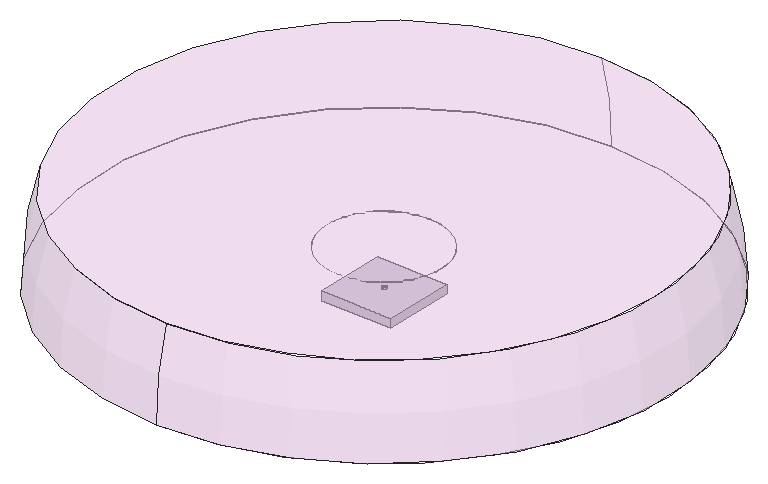
Revit family "Camera-Security-Panasonic-360-degree-Vandal_Resistant-Outdoor-Dome-Network-S4550LX", category Security Devices, host Face, Revit 2016
Family settings
  Host = Face
  Maintain Annotation Orientation = No
  Part Type = Normal
  Round Connector Dimension = Use Diameter
  OmniClass Number = 23.85.10.14.11
  OmniClass Title = Cameras
  Cut with Voids When Loaded = No
  Shared = No
  Room Calculation Point = No
Parameters (values of type "WV-S4550L")
  z Void Direction [instance] = if((if(On Wall, 1, 0) + if(On Ceiling, 1, 0)) = 1, if(On Ceiling, 0, 1), 0)  # 0
  z Vertical FOV = 186.00°  # constant formula
  z VV Origin Height Offset [instance] = Height  # 2.37402"
  z VV Origin Height [instance] = 0.000"
  z Lenz to PPM Target X [instance] = 0.07874" * Focal Length * 1000 / (PPM Actual * Scanning Area H / Horizontal Resolution) - z Lenz to PPM Target H  # 90.47649"
  z Lenz to PPM Target H [instance] = if(z Void Direction = 0, Distance to Floor - PPM Target Height - z VV Origin Height Offset, Distance to Floor - PPM Target Height)  # 45.65748"
  z Horizontal FOV = 186.00°  # constant formula
  z Camera Center Y Axis Offset [instance] = 0.000"
  z Camera Bottom Offset [instance] = 0.000"
  z Camera Angle [instance] = 0.00°
  z Camera Axis Const Length = 7.87402"
  z Base Radius [instance] = Base Diameter / 2  # 3.22835"
  Water and Dust Resistance = "IP66(IEC60529), Type 4X(UL50), NEMA 4X compliant"  # constant formula
  Shock Resistance = "50J (IEC 60068-2-75 compliant), IK10 (IEC 62262)"  # constant formula
  Base Height Offset [instance] = if(Use Base Bracket, Base Height, 0.000")  # 0.000"
  Base Height = 1.41732"
  Wide Dynamic Range = yes
  Weight [instance] = if(Use Base Bracket, 2.87 lbf, 1.92 lbf)  # 1.92 lbf
  Voltage DC = 12 V
  Vandal Resistant = yes
  Use Base Bracket [instance] = no
  Use Attachment Plate [instance] = not(Use Base Bracket)  # yes
  URL = "http://security.panasonic.com/pss/security/"
  Storage Temperature = "-22 °F to 140 °F"  # constant formula
  Show View Volume [instance] = yes
  Scanning Area V = 0.13976"
  Scanning Area H = 0.13976"
  Regulatory Compliance = "UL UL60950-1, C-UL CAN/CSA C22.2 No.60950-1, CE, IEC60950-1 FCC Part15 ClassA, ICES003 ClassA, EN55022 ClassB, EN55024"  # constant formula
  Radius_3 [instance] = 1.2126"
  Radius_2 [instance] = 1.35528"
  Radius_1 [instance] = Diameter / 2  # 3.0315"
  Provide Feedback = "https://www.surveymonkey.com/s/95FL6QY"
  Product Page URL = "https://security.panasonic.com/products/wv-s4550l/"
  Product Material = Paint - Panasonic - Sail White
  Product Documentation Link = "http://ssbu-t.psn-web.net/Products/IP_camera/WV-S4550L/Specsheet/WV-S4550L(M)_A4.pdf"
  Power Active = 10.9 W
  Part Number = Model  # "WV-S4550L"
  Part Description = Description  # "Security Camera, 360-degree, Vandal Resistant, Outdoor, Dome, 5 Megapixel, Network, S4550L"
  PPM Target Height [instance] = 70.07874"
  PPM Desired [instance] = 300
  PPM Actual [instance] = if(PPM Desired > 1, PPM Desired, 1)  # 300
  Original Creation Date = "November, 10, 2017"
  Operational Temperature [instance] = "-40 °F to 140 °F"  # constant formula
  Operational Humidity = "10% to 100 % (no condensation)"  # constant formula
  On Wall [instance] = no
  On Ceiling [instance] = yes
  Mounting Positions = "Mount Dependent or Surface Mount"
  Model Disclaimer = "Contact Panasonic for more information"  # constant formula
  Model = "WV-S4550L"
  Minimum Illumination = 0.3 lx
  Manufacturer = "Panasonic"  # constant formula
  Indoor Or Outdoor = "Outdoor"  # constant formula
  IP Or Analog = "IP"
  Horizontal Resolution [instance] = 2192  # constant formula
  Height_Offset5 = 1.44663"
  Height_Offset4 [instance] = 0.39438"
  Height_Offset3 [instance] = (Height - Height_Offset2) * 0.278  # 0.29989"
  Height_Offset2 [instance] = 1.29528"
  Height_Offset1 [instance] = 0.69685"
  Height [instance] = 2.37402"
  Has POE = yes
  Focal Length = 0.03307"
  Family Version = "1.0.0"  # constant formula
  Equipment Number [instance] = ""
  Equipment Abbreviation = "SC"
  Distance to Screen [instance] = 393.70079"
  Distance to PPM Target [instance] = if(z Lenz to PPM Target X < z Lenz to PPM Target H, 0.000", sqrt(z Lenz to PPM Target X ^ 2 - z Lenz to PPM Target H ^ 2))  # 78.11139"
  Distance to Floor [instance] = 118.11024"
  Distance to Ceiling [instance] = 0.000"
  Diameter [instance] = 6.06299"
  Description = "Security Camera, 360-degree, Vandal Resistant, Outdoor, Dome, 5 Megapixel, Network, S4550L"
  Default Elevation = 0.000"
  Day Or Night = "Yes"
  Date Last Modified = "November, 10, 2017"
  Copyright = "Copyright © Panasonic"  # constant formula
  Communication Ports = "10Base-T / 100Base-TX, RJ-45"
  z Camera Center X Axis Offset [instance] = 0.000"
  Base Diameter [instance] = 6.45669"
  Audio Out = "Yes"
  Audio In = "Yes"
  Angle Of View = "186"
  Alarm Input Or Output Specification = "ALARM IN 1 (Black & white input, Auto time adjustment) (x1), ALARM IN 2 (ALARM OUT) (x1), ALARM IN 3 (AUX OUT) (x1)"  # constant formula
  Accessory Part Number [instance] = if(Use Attachment Plate, "Attachment Plate", "Base Bracket")  # "Attachment Plate"
Types (2): name | Product Page URL | Part Number | Part Description | Model | Description | Communication Ports
  WV-S4550L | "https://security.panasonic.com/products/wv-s4550l/" | "WV-S4550L" | "Security Camera, 360-degree, Vandal Resistant, Outdoor, Dome, 5 Megapixel, Network, S4550L" | "WV-S4550L" | "Security Camera, 360-degree, Vandal Resistant, Outdoor, Dome, 5 Megapixel, Network, S4550L" | "10Base-T / 100Base-TX, RJ-45"
  WV-S4550LM | "https://security.panasonic.com/products/wv-s4550lm/" | "WV-S4550LM" | "Security Camera, 360-degree, Vandal Resistant, Outdoor, Dome, 5 Megapixel, Network, S4550LM" | "WV-S4550LM" | "Security Camera, 360-degree, Vandal Resistant, Outdoor, Dome, 5 Megapixel, Network, S4550LM" | "10Base-T / 100Base-TX, M12 connector"
Reference planes (in)
  plane 1 "Center (Front/Back)": y = 0
  plane 2: z = 0
  plane 3 "Center (Left/Right)": x = 0
  plane 4: y = 0
  plane 5: z = 0
  plane 6: x = 0
Forms (in)
  Extrusion 1, solid
    sketch origin (0, 0, 0) x (1, 0, 0) y (0, 1, 0)
      loop
        line (-48, 48) -> (-48, -48) -> (48, -48) -> (48, 48) -> (-48, 48)
    from 0 to -12
  Revolve 2, solid, material "Paint - Panasonic - Sail White" <- "Product Material"
    sketch origin (0, 0, 0) x (0, 0, 1) y (-1, 0, 0)
      loop
        line (1.67717, 0) -> (0, 0) -> (0, -3.0315) -> (1.07874, -3.0315) -> (1.67717, -1.35528) -> (1.67717, 0)
      axis (1.67717, 0) -> (0, 0)
    angle from 360 to 0
  Revolve 3, solid, material "Glass - Panasonic - Smoked"
    sketch origin (0, 0, 0) x (0, 0, 1) y (-1, 0, 0)
      loop
        line (2.37402, 0) -> (1.67717, 0) -> (1.67717, -1.2126)
        arc (1.67717, -1.2126) -> (2.19189, -0.70187) -> (2.37402, 0) r 1.37064
      axis (2.37402, 0) -> (1.67717, 0)
    angle from 360 to 0
  Revolve 4, solid, material "Paint - Panasonic - Sail White" <- "Product Material"
    sketch origin (0, 0, 0) x (0, 0, 1) y (-1, 0, 0)
      loop
        line (0.77885, -2.87402) -> (0, -2.87402) -> (0, -3.0315) -> (0.77885, -3.0315) -> (0.77885, -2.87402)
      axis (0.77885, 0) -> (0, 0)
    angle from 30 to -30
  Revolve 5, solid, material "Paint - Panasonic - Sail White" <- "Product Material"
    sketch origin (0, 0, 0) x (0, 0, 1) y (-1, 0, 0)
      loop
        line (0.77885, -2.87402) -> (0, -2.87402) -> (0, -3.0315) -> (0.77885, -3.0315) -> (0.77885, -2.87402)
      axis (0.77885, 0) -> (0, 0)
    angle from 150 to 90
  Revolve 6, solid, material "Paint - Panasonic - Sail White" <- "Product Material"
    sketch origin (0, 0, 0) x (0, 0, 1) y (-1, 0, 0)
      loop
        line (0.77885, -2.87402) -> (0, -2.87402) -> (0, -3.0315) -> (0.77885, -3.0315) -> (0.77885, -2.87402)
      axis (0.77885, 0) -> (0, 0)
    angle from 270 to 210
  Revolve 7, solid, material "Paint - Panasonic - Sail White" <- "Product Material", visible <- "Use Base Bracket"
    sketch origin (0, 0, 0) x (0, 0, 1) y (-1, 0, 0)
      loop
        line (1.41732, 0) -> (0, 0) -> (0, -3.22835) -> (1.41732, -3.22835) -> (1.41732, 0)
      axis (1.41732, 0) -> (0, 0)
    angle from 360 to 0
Lines and regions (in)
  symbolic lines, not visible
    curve 1: line (-1.15, -2.6875, 0) -> (1.15, -2.6875, 0)
  reference lines
    curve 2: line (0, 0, 0) -> (0, 0, 7.87402)
    curve 3: line (0, 0, 0) -> (5.70866, 0, 0)
    curve 4: line (0, 0, 0) -> (4.72441, 0, 0)
    curve 5: line (0, 0, 1.67717) -> (5, 0, 1.67717)
    curve 6: line (0, 0, 0.77885) -> (4.6063, 0, 0.77885)
    curve 7: line (0, 0, 1.07874) -> (3.8189, 0, 1.07874)
    curve 8: line (0, 0, 2.37402) -> (2.83465, 0, 2.37402)
    curve 9: line (1.2126, 0, 3.04376) -> (1.2126, 0, 0)
    curve 10: line (1.35528, 0, 3.04376) -> (1.35528, 0, 0)
    curve 11: line (2.87402, 0, 3.04376) -> (2.87402, 0, 0)
    curve 12: line (3.0315, 0, 3.04376) -> (3.0315, 0, 0)
    curve 13: line (3.22835, 0, 3.04376) -> (3.22835, 0, 0)
    curve 14: line (0, 0, 1.41732) -> (6.69291, 0, 1.41732)
Dimensions and locks (in)
  plane 1 "Center (Front/Back)" to plane 4 = 0.000"
  "z Camera Center Y Axis Offset": plane 4 to plane 1 "Center (Front/Back)"
  "z Camera Center Y Axis Offset": plane 5 to level
  "z Camera Center X Axis Offset": plane 3 "Center (Left/Right)" to plane 6
  "z Camera Axis Const Length": curve 2 to curve 2
  "Base Height Offset": curve 4 to curve 3
  "Height": curve 8 to curve 4
  "z Base Radius": curve 13 to curve 2
  "Radius_1": curve 12 to curve 2
  "Radius_2": curve 10 to curve 2
  "Radius_3": curve 9 to curve 2
  curve 11 to curve 12 = 0.15748"
  "Height_Offset3": curve 7 to curve 6
  "Height_Offset1": curve 8 to curve 5
  "Height_Offset2": curve 8 to curve 7
  "Base Height": curve 14 to curve 3
  "z Camera Angle": angle plane 6 to curve 2
  aligned and locked: plane 2 to Extrusion 1
  aligned and locked: level to Extrusion 1
  aligned and locked: plane 5 to curve 2
  aligned and locked: plane 6 to curve 2
  aligned and locked: curve 2 to curve 4
  aligned and locked: curve 2 to curve 5
  aligned and locked: curve 2 to curve 6
  aligned and locked: curve 2 to curve 7
  aligned and locked: curve 2 to curve 8
  aligned and locked: curve 3 to curve 13
  aligned and locked: Revolve 2 sketch curve to curve 2
  aligned and locked: Revolve 3 sketch curve to curve 2
  aligned and locked: Revolve 3 sketch curve to curve 8
  aligned and locked: Revolve 2 to Revolve 3 sketch curve
  aligned and locked: curve 9 to Revolve 3 sketch curve
  aligned and locked: Revolve 2 sketch curve to curve 4
  aligned and locked: curve 10 to Revolve 2 sketch curve
  aligned and locked: curve 7 to Revolve 2 sketch curve
  aligned and locked: curve 12 to Revolve 2 sketch curve
  aligned and locked: curve 2 to curve 14
  aligned and locked: curve 4 to Revolve 4 sketch curve
  aligned and locked: curve 11 to Revolve 4 sketch curve
  aligned and locked: Revolve 4 sketch curve to curve 12
  aligned and locked: Revolve 4 sketch curve to curve 2
  aligned and locked: Revolve 5 sketch curve to curve 6
  aligned and locked: curve 4 to Revolve 5 sketch curve
  aligned and locked: curve 11 to Revolve 5 sketch curve
  aligned and locked: Revolve 5 sketch curve to curve 12
  aligned and locked: Revolve 5 sketch curve to curve 2
  aligned and locked: Revolve 6 sketch curve to curve 6
  aligned and locked: curve 4 to Revolve 6 sketch curve
  aligned and locked: curve 11 to Revolve 6 sketch curve
  aligned and locked: Revolve 6 sketch curve to curve 12
  aligned and locked: Revolve 6 sketch curve to curve 2
  aligned and locked: Revolve 7 sketch curve to curve 2  (x2)
  aligned and locked: Revolve 7 sketch curve to curve 14
  aligned and locked: Revolve 7 sketch curve to curve 3
  aligned and locked: Revolve 7 sketch curve to curve 13
  aligned and locked: nested 1 to curve 2  (x2)
Automatic sketch dimensions
  Extrusion 1 sketch curve to Extrusion 1 sketch curve = 96.000"  (x2)
  curve 1 to plane 3 "Center (Left/Right)" = 1.150"
  plane 3 "Center (Left/Right)" to curve 1 = 1.150"
  plane 1 "Center (Front/Back)" to curve 1 = 2.6875"
  Revolve 3 sketch curve to curve 2 = 0.000"
  curve 2 to Revolve 3 sketch curve = 0.01893"
  Revolve 3 sketch curve to Revolve 3 sketch curve = 0.15557"
  Revolve 3 sketch curve to Revolve 3 sketch curve = 0.08072"
  Revolve 2 sketch curve to curve 2 = 0.000"
  Revolve 2 sketch curve to Revolve 2 sketch curve = 0.59843"
  Revolve 2 sketch curve to Revolve 2 sketch curve = 0.57874"
  Revolve 2 sketch curve to Revolve 2 sketch curve = 0.79066"
  Revolve 4 sketch curve to Revolve 4 sketch curve = 0.77885"
  curve 2 to Revolve 4 sketch curve = 1.11811"
  Revolve 4 sketch curve to Revolve 4 sketch curve = 1.5748"
  curve 2 to Revolve 5 sketch curve = 1.19983"
  Revolve 5 sketch curve to Revolve 5 sketch curve = 1.49308"
  curve 2 to Revolve 6 sketch curve = 1.14678"
  Revolve 6 sketch curve to Revolve 6 sketch curve = 1.23803"
  Revolve 7 sketch curve to curve 2 = 0.75231"
  Revolve 7 sketch curve to Revolve 7 sketch curve = 0.38943"
  curve 3 to curve 2 = 0.000"  (x2)
  curve 3 to curve 2 = 5.70866"
  curve 4 to curve 2 = 4.72441"
  curve 8 to curve 13 = 0.66975"
  curve 8 to curve 10 = 0.66975"
  curve 12 to curve 13 = 0.000"
  curve 11 to curve 12 = 0.000"
  curve 9 to curve 10 = 0.000"
  curve 14 to curve 2 = 6.69291"
  curve 5 to curve 2 = 5.000"
  curve 6 to curve 2 = 4.6063"
  curve 6 to curve 7 = 0.7874"
  curve 11 to curve 8 = 0.03937"
Nested families (in)
  nested 1: "Camera-Security-Panasonic-ViewVolume360" at (0, 0, 2.37402), On Wall <- "On Wall", On Ceiling <- "On Ceiling", HFOV <- "z Horizontal FOV", Floor Distance <- "Distance to Floor", Ceiling Distance <- "Distance to Ceiling", VFOV <- "z Vertical FOV", Screen Depth <- "Distance to Screen", Base Angle Offset <- "z Camera Angle", Base Height Offset <- "z VV Origin Height", visible <- "Show View Volume", type "Camera-Security-Panasonic-ViewVolume360"
    with z Yaw Actual 0.00°, z Void Width 826.77165", z Void Thickness 393.70079", z Void Height Start -413.38583", z Void Height End 413.38583", z Void Direction 0, z Void Angle 0.00°, z Viewpoint Origin Horizontal Offset 0.000", z Tilt Actual 0.00°, z Target Visible yes, z Target Horizontal Distance 78.74016", z Target Depth 48.0315", z Screen Depth 393.70079", z Pan Actual 0.00°, z Floor Distance 118.11024", z FOV Half 93.00°, z Ceiling Distance 0.000", z Camera Back Void Depth 397.6378", VFOV 186.00°, Target Horizontal Distance 78.74016", Screen Depth 393.70079", On Wall no, On Default Mount Type 0, On Ceiling yes, Object Height 70.07874", HFOV 186.00°, Floor Distance 118.11024", Ceiling Distance 0.000", Base Height Offset 0.000", Base Angle Offset 0.00°
Connectors (in)
  electrical at (0, 0, 0), driven by "Voltage DC", driven by "Power Active"
    settings: on Revolve 2, index 1, voltage 12 V, apparent load 10.9 W, apparent load phase1 0.0 W, apparent load phase2 0.0 W, apparent load phase3 0.0 W, power factor 1, load classification "Other", number of poles 1, system type 30, power factor state 1, is connector primary yes, connector utility no, sub classification motor no, connector description "Electrical Connection"
  electrical at (0, 0, 0)
    settings: on Revolve 2, index 2, voltage 0 V, apparent load 0.0 W, apparent load phase1 0.0 W, apparent load phase2 0.0 W, apparent load phase3 0.0 W, power factor 1, load classification "Other", number of poles 1, system type 5, power factor state 1, is connector primary no, connector utility no, sub classification motor no, connector description "Data Connection"
Definition of nested family "Camera-Security-Panasonic-ViewVolume360"
  Parameters (values of type "Camera-Security-Panasonic-ViewVolume360")
    z Yaw Actual [instance] = 0.00°  # constant formula
    z Void Width [instance] = z Screen Depth * 2 + 39.37008"  # 826.77165"
    z Void Thickness [instance] = z Screen Depth + abs(Base Height Offset)  # 399.6063"
    z Void Height Start [instance] = -z Void Width / 2  # -413.38583"
    z Void Height End [instance] = z Void Width / 2  # 413.38583"
    z Void Direction [instance] = if((if(On Wall, 1, 0) + if(On Ceiling, 1, 0)) = 1, if(On Ceiling, 0, 1), On Default Mount Type)  # 0
    z Tilt Actual [instance] = if(z Void Direction = 0, 0.00°, if(z Void Direction = 1, 90.00°, 0.00°))  # 0.00°
    z Target Visible [instance] = and(Target Horizontal Distance > 0.03937", z Target Depth < z Screen Depth, z Target Depth > 3.93701")  # yes
    z Target Horizontal Distance [instance] = if(Target Horizontal Distance < 3.93701", 3.93701", Target Horizontal Distance)  # 78.74016"
    z Target Depth [instance] = if(if(z Void Direction = 0, z Floor Distance - Object Height - Base Height Offset, z Floor Distance - Object Height) < 3.93701", 3.93701", if(z Void Direction = 0, z Floor Distance - Object Height - Base Height Offset, z Floor Distance - Object Height))  # 42.12598"
    z Pan Actual [instance] = 0.00°  # constant formula
    z Floor Distance [instance] = if(Floor Distance < 3.93701", 3.93701", Floor Distance)  # 118.11024"
    z FOV Half [instance] = HFOV / 2  # 80.00°
    z Const Yaw Base2 Length = 17.32283"  # constant formula
    z Const Tilt Base2 Length = 19.68504"  # constant formula
    z Ceiling Distance [instance] = if(Ceiling Distance < 0.000", 0.000", Ceiling Distance)  # 0.000"
    z Const Void Handle Length = 23.62205"  # constant formula
    z Void Angle [instance] = if(z Void Direction = 0, 0.00° + Base Angle Offset, if(z Void Direction = 1, 90.00° + Base Angle Offset, 180.00° + Base Angle Offset))  # 0.00°
    z Screen Depth [instance] = if(Screen Depth < 7.87402", 7.87402", Screen Depth)  # 393.70079"
    z Camera Back Void Depth [instance] = z Screen Depth + z Screen Depth * 0.01  # 397.6378"
    Target Horizontal Distance [instance] = 78.74016"
    Original Creation Date = "September, 15, 2016"  # constant formula
    On Default Mount Type [instance] = 0
    Object Height [instance] = 70.07874"
    Manufacturer = "Panasonic"  # constant formula
    Family Version = "1.0.0"  # constant formula
    Default Elevation = 48.000"
    Date Last Modified = "September, 15, 2016"  # constant formula
    Copyright = "Copyright © Panasonic"  # constant formula
    Base Height Offset [instance] = 5.90551"
    Base Angle Offset [instance] = 0.00°
    VFOV [instance] = 33.75°
    z Target Thickness = 0.19685"  # constant formula
    Screen Depth [instance] = 393.70079"
    z Const Yaw Handle Length = 9.25197"  # constant formula
    z Const Yaw Base Length = 10.23622"  # constant formula
    z Viewpoint Origin Horizontal Offset [instance] = 0.000"  # constant formula
    z Const Tilt Handle Length = 14.17323"  # constant formula
    z Const Tilt Base Length = 9.84252"  # constant formula
    z Const Pan Handle Length = 19.68504"  # constant formula
    z Const Pan Axis Length = 15.74803"  # constant formula
    On Wall [instance] = no
    On Ceiling [instance] = yes
    HFOV [instance] = 160.00°
    Floor Distance [instance] = 118.11024"
    Ceiling Distance [instance] = 0.000"
  Reference planes (in)
    plane 1 "Center (Front/Back)": y = 0
    plane 2: z = 0
    plane 3 "Center (Left/Right)": x = 0
    plane 4 "VoidOffsetBase": z = -5.90551
  Forms (in)
    Extrusion 1, void
      sketch origin (0, 0, -5.90551) x (0, 0, 1) y (0, -1, 0)
        loop
          line (517.71654, 413.38583) -> (118.11024, 413.38583) -> (118.11024, -413.38583) -> (517.71654, -413.38583) -> (517.71654, 413.38583)
        loop
          line (0, 413.38583) -> (-399.6063, 413.38583) -> (-399.6063, -413.38583) -> (0, -413.38583) -> (0, 413.38583)
      from -413.38583 <- "z Void Height Start" to 413.38583 <- "z Void Height End"
    Revolve 2, solid, visible <- "z Target Visible"
      sketch origin (0, 0, 42.12598) x (0, 0, -1) y (0, 1, 0)
        loop
          circle (0, 78.74016) r 0.19685
        axis (0.19685, 0) -> (-0.19685, 0)
      angle from 0 to 360
    Revolve 3, solid
      sketch origin (0, 0, 0) x (0, 1, 0) y (0, 0, 1)
        loop
          line (0, 0) -> (387.71959, 68.36542)
          arc (387.71959, 68.36542) -> (253.06599, 301.5923) -> (0, 393.70079) r 393.70079
          line (0, 393.70079) -> (0, 0)
        axis (0, 0) -> (0, 393.70079)
      angle from 0 to 360
    Revolve 4, void
      sketch origin (0, 0, 0) x (0, 1, 0) y (0, 0, 1)
        loop
          line (0, 0) -> (0, -397.6378)
          arc (0, -397.6378) -> (304.60822, -255.59665) -> (391.59678, 69.04908) r 397.6378
          line (391.59678, 69.04908) -> (0, 0)
        axis (0, -397.6378) -> (0, 69.04908)
      angle from 0 to 360
  Cuts and joins
    Revolve 4 cuts Revolve 2
    Extrusion 1 cuts Revolve 3
  Lines and regions (in)
    reference lines
      curve 1: line (0, 0, 0) -> (19.68504, 0, 0)
      curve 2: line (0, 0, -15.74803) -> (0, 0, 0)
      curve 3: line (0, 0, 0) -> (0, -9.84252, 0)
      curve 4: line (0, 0, 0) -> (0, 0, 19.68504)
      curve 5: line (0, 0, 14.17323) -> (0, 0, 0)
      curve 6: line (0, 0, 0) -> (0, 10.23622, 0)
      curve 7: line (0, 0, 0) -> (-17.32283, 0, 0)
      curve 8: line (0, 0, 0) -> (-9.25197, 0, 0)
      curve 9: line (0, 0, 42.12598) -> (0, 0, 0)
      curve 10: line (0, 0, -5.90551) -> (0, 0, 17.71654)
      curve 11: line (0, -413.38583, 511.81102) -> (0, 413.38583, 511.81102)
      curve 12: line (0, -413.38583, 112.20472) -> (0, -413.38583, 511.81102)
      curve 13: line (0, 413.38583, 112.20472) -> (0, -413.38583, 112.20472)
      curve 14: line (0, 413.38583, 511.81102) -> (0, 413.38583, 112.20472)
      curve 15: line (0, -413.38583, -5.90551) -> (0, 413.38583, -5.90551)
      curve 16: line (0, -413.38583, -405.51181) -> (0, -413.38583, -5.90551)
      curve 17: line (0, 413.38583, -405.51181) -> (0, -413.38583, -405.51181)
      curve 18: line (0, 413.38583, -5.90551) -> (0, 413.38583, -405.51181)
  Dimensions and locks (in)
    "z Const Pan Handle Length": curve 1 to curve 1
    "z Const Pan Axis Length": curve 2 to curve 2
    "z Const Tilt Base Length": curve 3 to curve 3
    "z Const Pan Axis Length": curve 1 to curve 2
    "z Viewpoint Origin Horizontal Offset": curve 4 to curve 2
    "z Const Tilt Base2 Length": curve 4 to curve 4
    "z Const Tilt Handle Length": curve 5 to curve 5
    "z Const Yaw Base Length": curve 6 to curve 6
    "z Const Yaw Base2 Length": curve 7 to curve 7
    "z Const Yaw Handle Length": curve 8 to curve 8
    "z Target Depth": curve 9 to curve 9
    "z Const Void Handle Length": curve 10 to curve 10
    equal spacing: curve 12, curve 10, curve 14
    "z Void Width": curve 12 to curve 14
    "z Floor Distance": curve 13 to curve 10
    "z Ceiling Distance": curve 15 to curve 10
    "z Void Thickness": curve 17 to curve 15
    "z Void Thickness": curve 11 to curve 13
    "Base Height Offset": level to plane 4 "VoidOffsetBase"
    "z Target Horizontal Distance": curve 10 to Revolve 2 sketch curve
    "z Camera Back Void Depth": Revolve 4 sketch curve to Revolve 4 sketch curve  (x2)
    "z Screen Depth": Revolve 3 sketch curve to Revolve 3 sketch curve  (x2)
    "z Target Thickness": radius of Revolve 2 sketch curve
    "z Screen Depth": radius of Revolve 3 sketch curve
    "z Camera Back Void Depth": radius of Revolve 4 sketch curve
    locked: curve 3 to curve 2 (angle 90.00°)
    locked: curve 3 to curve 4 (angle 90.00°)
    "z Tilt Actual": angle curve 4 to curve 5
    locked: curve 6 to curve 7 (angle 90.00°)
    locked: curve 6 to curve 5 (angle 90.00°)
    locked: curve 9 to curve 5 (angle 0.00°)
    "z Void Angle": angle plane 1 "Center (Front/Back)" to curve 10
    "z Yaw Actual": angle curve 7 to curve 8
    "z Pan Actual": angle plane 1 "Center (Front/Back)" to curve 1
    "z FOV Half": angle Revolve 4 sketch curve to plane 1 "Center (Front/Back)"
    "z FOV Half": angle Revolve 3 sketch curve to plane 1 "Center (Front/Back)"
    aligned and locked: level to plane 2
    aligned and locked: curve 2 to curve 1
    aligned and locked: curve 2 to curve 3
    aligned and locked: curve 3 to curve 2
    aligned and locked: curve 3 to curve 5
    aligned and locked: curve 6 to curve 7
    aligned and locked: curve 6 to curve 8
    aligned and locked: curve 8 to curve 7
    aligned and locked: curve 7 to curve 6
    aligned and locked: plane 1 "Center (Front/Back)" to curve 10
    aligned and locked: curve 16 to curve 12
    aligned and locked: curve 14 to curve 18
    aligned and locked: Extrusion 1 sketch curve to curve 11
    aligned and locked: Extrusion 1 sketch curve to curve 12
    aligned and locked: Extrusion 1 sketch curve to curve 13
    aligned and locked: Extrusion 1 sketch curve to curve 14
    aligned and locked: Extrusion 1 sketch curve to curve 15
    aligned and locked: Extrusion 1 sketch curve to curve 16
    aligned and locked: Extrusion 1 sketch curve to curve 17
    aligned and locked: Extrusion 1 sketch curve to curve 18
    aligned and locked: Extrusion 1 sketch curve to Extrusion 1 sketch curve  (x8)
    aligned and locked: plane 3 "Center (Left/Right)" to curve 1
    aligned and locked: plane 1 "Center (Front/Back)" to curve 1
    aligned and locked: level to curve 2
    aligned and locked: plane 4 "VoidOffsetBase" to curve 10
    aligned and locked: plane 1 "Center (Front/Back)" to Revolve 4 sketch curve
    aligned and locked: level to Revolve 4 sketch curve
    aligned and locked: level to Revolve 3 sketch curve
    aligned and locked: plane 1 "Center (Front/Back)" to Revolve 3 sketch curve
  Automatic sketch dimensions
    curve 9 to curve 8 = 0.000"  (x2)
    curve 6 to curve 5 = 0.000"
    curve 6 to curve 5 = 10.23622"
    Revolve 2 sketch curve to curve 9 = 0.000"  (x3)
    curve 9 to Revolve 2 sketch curve = 0.000"
    Revolve 3 sketch curve to level = 0.000"
    Revolve 3 sketch curve to plane 1 "Center (Front/Back)" = 0.000"
    Revolve 3 sketch curve to Revolve 3 sketch curve = 0.000"
    Revolve 4 sketch curve to level = 0.000"
    Revolve 4 sketch curve to plane 1 "Center (Front/Back)" = 0.000"
    Revolve 4 sketch curve to Revolve 4 sketch curve = 107.05185"
